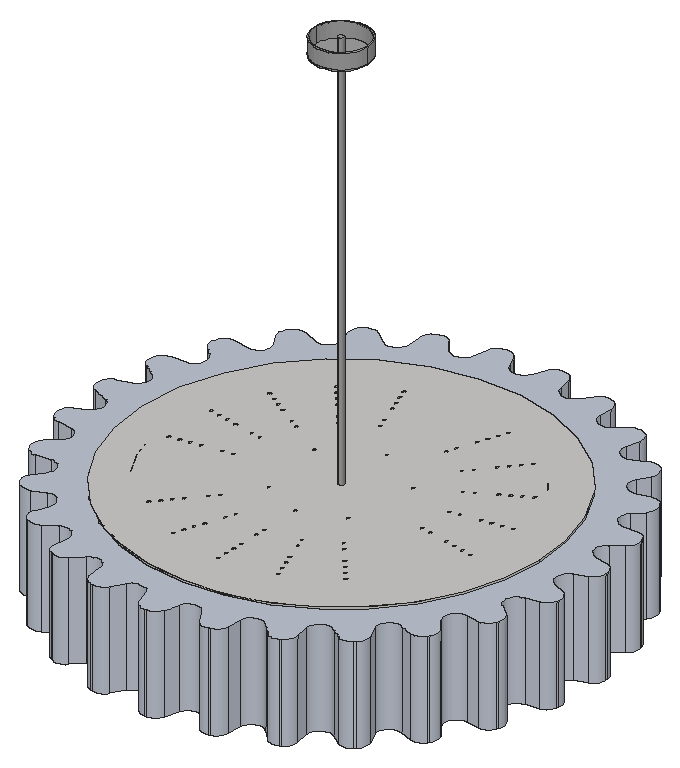
Revit family "ACU-Large Opera Pendant", category Lighting Fixtures, host Ceiling, Revit 2021
Family settings
  Host = Ceiling
  Round Connector Dimension = Use Diameter
  Part Type = Normal
  OmniClass Number = 23.80.70.11
  OmniClass Title = Luminaries for Internal Lighting
  Always vertical = Yes
  Cut with Voids When Loaded = No
  Light Source = Yes
  Shared = No
  Room Calculation Point = No
Parameters (values of type "Type 1")
  Wattage = 3.37561 W
  built-in parameter 1150110 = 1 (stored number, unit not read)
  built-in parameter 1114217 = 1 (stored number, unit not read)
  Tilt Angle = 90.00°
  built-in parameter 1150109 = 1 (stored number, unit not read)
  built-in parameter 1150134 = 12
  built-in parameter 1150113 = 1 (stored number, unit not read)
  Plate Thickness = 3 mm
  Photometric Web File = "LRGE  - 4000_CLE-ADV4-315mm (1).ies"
  Pendant Material = Acustico - Light Grey
  Light Source Material = Acustico - Perpsex
  Internal Pendant Material = Acustico - Rouge
  Emit from Circle Diameter = 400 mm
  Emit Shape Visible in Rendering = no
  Distance from Ceiling [instance] = 850 mm
  Default Elevation = 0 mm
  Cable Material = Acustico - Timber
  Bracket Material = Acustico - Stainless Steel
  Manufacturer = "Acustico lighting"
  Lumens = 501.42 lm
  built-in parameter 1150115 = 1 (stored number, unit not read)
  built-in parameter 1150105 = 39.902 (stored number, unit not read)
  built-in parameter 1150137 = (empty or 0)
  built-in parameter 1150139 = (empty or 0)
  built-in parameter 1150112 = 1 (stored number, unit not read)
  built-in parameter 1150114 = 1 (stored number, unit not read)
  built-in parameter 1150132 = 2
  built-in parameter 1150102 = (empty or 0)
  built-in parameter 1150138 = (empty or 0)
  built-in parameter 1150107 = 4000 (stored number, unit not read)
  built-in parameter 1150106 = 0.39902 (stored number, unit not read)
  built-in parameter 1150104 = 13.8 (stored number, unit not read)
  Dimming Lamp Color Temperature Shift = <None>
  Description = "600mm Punk Pendant"
  Color Filter = 16777215
  built-in parameter 1114218 = 1 (stored number, unit not read)
  built-in parameter 1150133 = 10 (stored number, unit not read)
Reference planes
  plane 1 "Light Source Axis (F/B)": y = 0
  plane 2: z = 0
  plane 3 "Light Source Axis (L/R)": x = 0
  plane 4 "Ceiling": z = 4000
  plane 5 "Light Source Elevation": z = 3150
  plane 6: y = 0
  plane 7: x = 0
  plane 8 "Top of Light": z = 3240
  plane 9 "Bottom of Light": z = 3060
Forms (mm)
  Extrusion 1, solid, material "Acustico - Timber" <- "Cable Material"
    sketch origin (0, 0, 4000) x (0, 1, 0) y (-1, 0, 0)
      loop
        circle (0, 0) r 9
    from -860 to -850
  Extrusion 2, solid, material "Acustico - Timber" <- "Cable Material"
    sketch origin (0, 0, 4000) x (0, 1, 0) y (-1, 0, 0)
      loop
        circle (0, 0) r 50
      loop
        circle (0, 0) r 48
    from -28 to 0
  Extrusion 3, solid, material "Acustico - Timber" <- "Cable Material"
    sketch origin (0, 0, 4000) x (0, 1, 0) y (-1, 0, 0)
      loop
        circle (0, 0) r 50
    from -30 to -28
  Extrusion 4, solid, material "Acustico - Timber" <- "Cable Material"
    sketch origin (0, 0, 4000) x (0, 1, 0) y (-1, 0, 0)
      loop
        circle (0, 0) r 5
    from -850 to 0
  Extrusion 5, solid, material "Acustico - Light Grey" <- "Pendant Material"
    sketch origin (0, 0, 3150) x (-1, 0, 0) y (0, -1, 0)
      loop
        arc (144.306, -436.37) -> (155.842, -444.114) -> (169.721, -443.467) r 22.159
        arc (169.721, -443.467) -> (171.563, -442.757) -> (173.401, -442.041) r 474.835
        arc (173.401, -442.041) -> (184.093, -433.167) -> (187.399, -419.672) r 22.159
        line (187.399, -419.672) -> (185.419, -394.53)
        arc (185.419, -394.53) -> (197.159, -373.197) -> (221.397, -375.523) r 22.159
        line (221.397, -375.523) -> (241.05, -391.329)
        arc (241.05, -391.329) -> (254.061, -396.203) -> (267.417, -392.372) r 22.159
        arc (267.417, -392.372) -> (269.045, -391.258) -> (270.668, -390.137) r 474.835
        arc (270.668, -390.137) -> (279.026, -379.037) -> (279.131, -365.143) r 22.159
        line (279.131, -365.143) -> (271.406, -341.135)
        arc (271.406, -341.135) -> (277.909, -317.669) -> (302.031, -314.343) r 22.159
        line (302.031, -314.343) -> (324.799, -325.191)
        arc (324.799, -325.191) -> (338.584, -326.933) -> (350.696, -320.125) r 22.159
        arc (350.696, -320.125) -> (352.023, -318.665) -> (353.344, -317.2) r 474.835
        arc (353.344, -317.2) -> (358.916, -304.472) -> (355.815, -290.928) r 22.159
        line (355.815, -290.928) -> (342.761, -269.349)
        arc (342.761, -269.349) -> (343.678, -245.016) -> (366.382, -236.216) r 22.159
        line (366.382, -236.216) -> (391.038, -241.521)
        arc (391.038, -241.521) -> (404.853, -240.038) -> (415.069, -230.62) r 22.159
        arc (415.069, -230.62) -> (416.024, -228.894) -> (416.971, -227.163) r 474.835
        arc (416.971, -227.163) -> (419.458, -213.493) -> (413.316, -201.03) r 22.159
        line (413.316, -201.03) -> (395.638, -183.042)
        arc (395.638, -183.042) -> (390.919, -159.154) -> (410.981, -145.356) r 22.159
        line (410.981, -145.356) -> (436.196, -144.831)
        arc (436.196, -144.831) -> (449.297, -140.202) -> (457.065, -128.682) r 22.159
        arc (457.065, -128.682) -> (457.596, -126.782) -> (458.119, -124.88) r 474.835
        arc (458.119, -124.88) -> (457.386, -111.005) -> (448.536, -100.294) r 22.159
        line (448.536, -100.294) -> (427.186, -86.868)
        arc (427.186, -86.868) -> (417.085, -64.712) -> (433.425, -46.659) r 22.159
        line (433.425, -46.659) -> (457.839, -40.334)
        arc (457.839, -40.334) -> (469.519, -32.808) -> (474.421, -19.807) r 22.159
        arc (474.421, -19.807) -> (474.5, -17.836) -> (474.57, -15.864) r 474.835
        arc (474.57, -15.864) -> (470.657, -2.532) -> (459.575, 5.849) r 22.159
        line (459.575, 5.849) -> (435.704, 13.989)
        arc (435.704, 13.989) -> (420.766, 33.219) -> (432.502, 54.553) r 22.159
        line (432.502, 54.553) -> (454.799, 66.338)
        arc (454.799, 66.338) -> (464.429, 76.355) -> (466.201, 90.136) r 22.159
        arc (466.201, 90.136) -> (465.823, 92.072) -> (465.436, 94.007) r 474.835
        arc (465.436, 94.007) -> (458.554, 106.077) -> (445.838, 111.677) r 22.159
        line (445.838, 111.677) -> (420.734, 114.093)
        arc (420.734, 114.093) -> (401.763, 129.358) -> (408.263, 152.825) r 22.159
        line (408.263, 152.825) -> (427.242, 169.434)
        arc (427.242, 169.434) -> (434.301, 181.401) -> (432.848, 195.219) r 22.159
        arc (432.848, 195.219) -> (432.033, 197.016) -> (431.211, 198.81) r 474.835
        arc (431.211, 198.81) -> (421.73, 208.968) -> (408.066, 211.484) r 22.159
        line (408.066, 211.484) -> (383.081, 208.045)
        arc (383.081, 208.045) -> (361.102, 218.525) -> (362.014, 242.857) r 22.159
        line (362.014, 242.857) -> (376.651, 263.396)
        arc (376.651, 263.396) -> (380.761, 276.668) -> (376.16, 289.779) r 22.159
        arc (376.16, 289.779) -> (374.952, 291.339) -> (373.738, 292.895) r 474.835
        arc (373.738, 292.895) -> (362.171, 300.593) -> (348.295, 299.89) r 22.159
        line (348.295, 299.89) -> (324.777, 290.782)
        arc (324.777, 290.782) -> (300.973, 295.91) -> (296.249, 319.797) r 22.159
        line (296.249, 319.797) -> (305.755, 343.158)
        arc (305.755, 343.158) -> (306.693, 357.02) -> (299.193, 368.716) r 22.159
        arc (299.193, 368.716) -> (297.658, 369.956) -> (296.118, 371.19) r 474.835
        arc (296.118, 371.19) -> (283.088, 376.013) -> (269.747, 372.129) r 22.159
        line (269.747, 372.129) -> (248.963, 357.842)
        arc (248.963, 357.842) -> (224.619, 357.343) -> (214.514, 379.497) r 22.159
        line (214.514, 379.497) -> (218.376, 404.42)
        arc (218.376, 404.42) -> (216.092, 418.125) -> (206.096, 427.776) r 22.159
        arc (206.096, 427.776) -> (204.317, 428.629) -> (202.534, 429.474) r 474.835
        arc (202.534, 429.474) -> (188.742, 431.162) -> (176.657, 424.306) r 22.159
        line (176.657, 424.306) -> (159.728, 405.612)
        arc (159.728, 405.612) -> (136.155, 399.511) -> (121.213, 418.738) r 22.159
        line (121.213, 418.738) -> (119.224, 443.879)
        arc (119.224, 443.879) -> (113.841, 456.689) -> (101.889, 463.774) r 22.159
        arc (101.889, 463.774) -> (99.961, 464.194) -> (98.031, 464.605) r 474.835
        arc (98.031, 464.605) -> (84.222, 463.067) -> (74.044, 453.609) r 22.159
        line (74.044, 453.609) -> (61.882, 431.514)
        arc (61.882, 431.514) -> (40.351, 420.142) -> (21.378, 435.404) r 22.159
        line (21.378, 435.404) -> (13.645, 459.41)
        arc (13.645, 459.41) -> (5.452, 470.632) -> (-7.811, 474.77) r 22.159
        arc (-7.811, 474.77) -> (-9.784, 474.734) -> (-11.757, 474.689) r 474.835
        arc (-11.757, 474.689) -> (-24.839, 470.008) -> (-32.561, 458.457) r 22.159
        line (-32.561, 458.457) -> (-39.3, 434.154)
        arc (-39.3, 434.154) -> (-57.628, 418.123) -> (-79.609, 428.598) r 22.159
        line (-79.609, 428.598) -> (-92.67, 450.173)
        arc (-92.67, 450.173) -> (-103.23, 459.203) -> (-117.09, 460.171) r 22.159
        arc (-117.09, 460.171) -> (-119.002, 459.681) -> (-120.911, 459.182) r 474.835
        arc (-120.911, 459.182) -> (-132.56, 451.61) -> (-137.411, 438.59) r 22.159
        line (-137.411, 438.59) -> (-138.363, 413.388)
        arc (-138.363, 413.388) -> (-152.5, 393.562) -> (-176.305, 398.686) r 22.159
        line (-176.305, 398.686) -> (-193.989, 416.667)
        arc (-193.989, 416.667) -> (-206.347, 423.019) -> (-220.057, 420.765) r 22.159
        arc (-220.057, 420.765) -> (-221.804, 419.847) -> (-223.546, 418.921) r 474.835
        arc (-223.546, 418.921) -> (-233.136, 408.867) -> (-234.853, 395.079) r 22.159
        line (-234.853, 395.079) -> (-229.967, 370.336)
        arc (-229.967, 370.336) -> (-239.151, 347.785) -> (-263.496, 347.281) r 22.159
        line (-263.496, 347.281) -> (-284.85, 360.699)
        arc (-284.85, 360.699) -> (-298.34, 364.03) -> (-311.16, 358.674) r 22.159
        arc (-311.16, 358.674) -> (-312.648, 357.378) -> (-314.13, 356.076) r 475.068
        arc (-314.13, 356.076) -> (-321.143, 344.081) -> (-319.634, 330.269) r 22.159
        line (-319.634, 330.269) -> (-309.174, 307.32)
        arc (-309.174, 307.32) -> (-312.909, 283.258) -> (-336.482, 277.154) r 22.159
        line (-336.482, 277.154) -> (-360.355, 285.285)
        arc (-360.355, 285.285) -> (-374.249, 285.415) -> (-385.489, 277.248) r 22.159
        arc (-385.489, 277.248) -> (-386.638, 275.643) -> (-387.78, 274.034) r 474.835
        arc (-387.78, 274.034) -> (-391.837, 260.745) -> (-387.184, 247.653) r 22.159
        line (-387.184, 247.653) -> (-371.713, 227.735)
        arc (-371.713, 227.735) -> (-369.799, 203.461) -> (-391.328, 192.085) r 22.159
        line (-391.328, 192.085) -> (-416.433, 194.491)
        arc (-416.433, 194.491) -> (-429.982, 191.414) -> (-439.036, 180.874) r 22.159
        arc (-439.036, 180.874) -> (-439.783, 179.049) -> (-440.524, 177.22) r 474.835
        arc (-440.524, 177.22) -> (-441.407, 163.353) -> (-433.86, 151.687) r 22.159
        line (-433.86, 151.687) -> (-414.213, 135.874)
        arc (-414.213, 135.874) -> (-406.752, 112.695) -> (-425.077, 96.661) r 22.159
        line (-425.077, 96.661) -> (-450.061, 93.213)
        arc (-450.061, 93.213) -> (-462.535, 87.094) -> (-468.914, 74.75) r 22.159
        arc (-468.914, 74.75) -> (-469.221, 72.801) -> (-469.519, 70.851) r 474.835
        arc (-469.519, 70.851) -> (-467.18, 57.155) -> (-457.146, 47.544) r 22.159
        line (-457.146, 47.544) -> (-434.382, 36.687)
        arc (-434.382, 36.687) -> (-421.777, 15.854) -> (-435.911, -3.974) r 22.159
        line (-435.911, -3.974) -> (-459.426, -13.091)
        arc (-459.426, -13.091) -> (-470.153, -21.922) -> (-473.513, -35.404) r 22.159
        arc (-473.513, -35.404) -> (-473.362, -37.371) -> (-473.202, -39.337) r 474.835
        arc (-473.202, -39.337) -> (-467.768, -52.125) -> (-455.788, -59.163) r 22.159
        line (-455.788, -59.163) -> (-431.134, -64.477)
        arc (-431.134, -64.477) -> (-414.064, -81.842) -> (-423.244, -104.395) r 22.159
        line (-423.244, -104.395) -> (-444.023, -118.689)
        arc (-444.023, -118.689) -> (-452.424, -129.755) -> (-452.585, -143.649) r 22.159
        arc (-452.585, -143.649) -> (-451.984, -145.528) -> (-451.375, -147.405) r 474.835
        arc (-451.375, -147.405) -> (-443.139, -158.595) -> (-429.859, -162.681) r 22.159
        line (-429.859, -162.681) -> (-404.643, -162.165)
        arc (-404.643, -162.165) -> (-384.029, -175.126) -> (-387.76, -199.188) r 22.159
        line (-387.76, -199.188) -> (-404.683, -217.888)
        arc (-404.683, -217.888) -> (-410.305, -230.594) -> (-407.257, -244.15) r 22.159
        arc (-407.257, -244.15) -> (-406.239, -245.84) -> (-405.214, -247.526) r 474.835
        arc (-405.214, -247.526) -> (-394.619, -256.515) -> (-380.755, -257.428) r 22.159
        line (-380.755, -257.428) -> (-356.338, -251.111)
        arc (-356.338, -251.111) -> (-333.291, -258.968) -> (-331.372, -283.242) r 22.159
        line (-331.372, -283.242) -> (-343.526, -305.341)
        arc (-343.526, -305.341) -> (-346.067, -319.001) -> (-339.975, -331.489) r 22.159
        arc (-339.975, -331.489) -> (-338.595, -332.899) -> (-337.208, -334.303) r 474.835
        arc (-337.208, -334.303) -> (-324.826, -340.606) -> (-311.125, -338.297) r 22.159
        line (-311.125, -338.297) -> (-288.823, -326.52)
        arc (-288.823, -326.52) -> (-264.585, -328.85) -> (-257.12, -352.027) r 22.159
        line (-257.12, -352.027) -> (-263.849, -376.333)
        arc (-263.849, -376.333) -> (-263.172, -390.211) -> (-254.364, -400.957) r 22.159
        arc (-254.364, -400.957) -> (-252.696, -402.011) -> (-251.023, -403.057) r 474.835
        arc (-251.023, -403.057) -> (-237.521, -406.335) -> (-224.722, -400.928) r 22.159
        line (-224.722, -400.928) -> (-205.737, -384.326)
        arc (-205.737, -384.326) -> (-181.615, -381.003) -> (-169.006, -401.834) r 22.159
        line (-169.006, -401.834) -> (-169.949, -427.037)
        arc (-169.949, -427.037) -> (-166.089, -440.385) -> (-155.041, -448.81) r 22.159
        arc (-155.041, -448.81) -> (-153.174, -449.45) -> (-151.306, -450.083) r 474.835
        arc (-151.306, -450.083) -> (-137.411, -450.158) -> (-126.204, -441.946) r 22.159
        line (-126.204, -441.946) -> (-111.56, -421.412)
        arc (-111.56, -421.412) -> (-88.854, -412.617) -> (-71.781, -429.978) r 22.159
        line (-71.781, -429.978) -> (-66.886, -454.719)
        arc (-66.886, -454.719) -> (-60.053, -466.817) -> (-47.359, -472.467) r 22.159
        arc (-47.359, -472.467) -> (-45.395, -472.66) -> (-43.431, -472.844) r 474.835
        arc (-43.431, -472.844) -> (-29.894, -469.713) -> (-20.882, -459.137) r 22.159
        line (-20.882, -459.137) -> (-11.368, -435.781)
        arc (-11.368, -435.781) -> (8.697, -421.986) -> (29.313, -434.942) r 22.159
        line (29.313, -434.942) -> (39.782, -457.887)
        arc (39.782, -457.887) -> (49.222, -468.083) -> (62.876, -470.653) r 22.159
        arc (62.876, -470.653) -> (64.831, -470.388) -> (66.785, -470.114) r 474.835
        arc (66.785, -470.114) -> (79.235, -463.946) -> (85.565, -451.577) r 22.159
        line (85.565, -451.577) -> (89.436, -426.656)
        arc (89.436, -426.656) -> (105.779, -408.605) -> (128.828, -416.458) r 22.159
        line (128.828, -416.458) -> (144.306, -436.37)
      loop
        circle (5.324, -0.435) r 310
    from -90 to 90
  Extrusion 6, solid, material "Acustico - Stainless Steel" <- "Bracket Material"
    sketch origin (0, 0, 3150) x (-1, 0, 0) y (0, -1, 0)
      loop
        circle (0, 0) r 299
    from 0 to 3
  Extrusion 7, solid, material "Acustico - Stainless Steel" <- "Bracket Material"
    sketch origin (0, 0, 3150) x (-1, 0, 0) y (0, -1, 0)
      loop
        circle (0, 0) r 375
      loop
        circle (0, 0) r 5.5
      loop
        circle (99.186, -272.511) r 2.5
      loop
        circle (93.029, -255.596) r 2.5
      loop
        circle (86.873, -238.682) r 2.5
      loop
        circle (80.717, -221.767) r 2.5
      loop
        circle (68.404, -187.939) r 2
      loop
        circle (62.248, -171.024) r 2
      loop
        circle (-62.248, -171.024) r 2
      loop
        circle (-68.404, -187.939) r 2
      loop
        circle (-80.717, -221.767) r 2.5
      loop
        circle (-86.873, -238.682) r 2.5
      loop
        circle (-93.029, -255.596) r 2.5
      loop
        circle (-99.186, -272.511) r 2.5
      loop
        circle (-186.408, -222.153) r 2.5
      loop
        circle (-174.838, -208.364) r 2.5
      loop
        circle (-163.268, -194.575) r 2.5
      loop
        circle (-151.698, -180.786) r 2.5
      loop
        circle (-128.558, -153.209) r 2
      loop
        circle (0, -108.1) r 2
      loop
        circle (-116.987, -139.42) r 2
      loop
        circle (-251.147, -145) r 2.5
      loop
        circle (-235.559, -136) r 2.5
      loop
        circle (-219.97, -127) r 2.5
      loop
        circle (-204.382, -118) r 2.5
      loop
        circle (-173.205, -100) r 2
      loop
        circle (-157.617, -91) r 2
      loop
        circle (-93.1, -53.75) r 2.152
      loop
        circle (-285.594, -50.358) r 2.5
      loop
        circle (-267.868, -47.232) r 2.5
      loop
        circle (-250.141, -44.107) r 2.5
      loop
        circle (-232.415, -40.981) r 2.5
      loop
        circle (-196.962, -34.73) r 2
      loop
        circle (-179.235, -31.604) r 2
      loop
        circle (-285.594, 50.358) r 2.5
      loop
        circle (-267.868, 47.232) r 2.5
      loop
        circle (-250.141, 44.107) r 2.5
      loop
        circle (-232.415, 40.981) r 2.5
      loop
        circle (-196.962, 34.73) r 2
      loop
        circle (-179.235, 31.604) r 2
      loop
        circle (-75, 76.9) r 2
      loop
        circle (-186.408, 222.153) r 2.5
      loop
        circle (-174.838, 208.364) r 2.5
      loop
        circle (-163.268, 194.575) r 2.5
      loop
        circle (-151.698, 180.786) r 2.5
      loop
        circle (-128.558, 153.209) r 2
      loop
        circle (-116.987, 139.42) r 2
      loop
        circle (-99.186, 272.511) r 2.5
      loop
        circle (-93.029, 255.596) r 2.5
      loop
        circle (-86.873, 238.682) r 2.5
      loop
        circle (-80.717, 221.767) r 2.5
      loop
        circle (-68.404, 187.939) r 2
      loop
        circle (-62.248, 171.024) r 2
      loop
        circle (0.001, 107.505) r 2.155
      loop
        circle (0, 182) r 2
      loop
        circle (0, 200) r 2
      loop
        circle (0, 236) r 2.5
      loop
        circle (0, 254) r 2.5
      loop
        circle (0, 290) r 2.5
      loop
        circle (0, 272) r 2.5
      loop
        circle (99.186, 272.511) r 2.5
      loop
        circle (93.029, 255.596) r 2.5
      loop
        circle (86.873, 238.682) r 2.5
      loop
        circle (80.717, 221.767) r 2.5
      loop
        circle (68.404, 187.939) r 2
      loop
        circle (62.248, 171.024) r 2
      loop
        circle (75, 76.9) r 2
      loop
        circle (116.987, 139.42) r 2
      loop
        circle (128.558, 153.209) r 2
      loop
        circle (151.698, 180.786) r 2.5
      loop
        circle (163.268, 194.575) r 2.5
      loop
        circle (174.838, 208.364) r 2.5
      loop
        circle (186.408, 222.153) r 2.5
      loop
        circle (285.594, 50.358) r 2.5
      loop
        circle (267.868, 47.232) r 2.5
      loop
        circle (250.141, 44.107) r 2.5
      loop
        circle (232.415, 40.981) r 2.5
      loop
        circle (196.962, 34.73) r 2
      loop
        circle (179.235, 31.604) r 2
      loop
        circle (179.235, -31.604) r 2
      loop
        circle (93.1, -53.75) r 2.152
      loop
        circle (196.962, -34.73) r 2
      loop
        circle (232.415, -40.981) r 2.5
      loop
        circle (250.141, -44.107) r 2.5
      loop
        circle (267.868, -47.232) r 2.5
      loop
        circle (285.594, -50.358) r 2.5
      loop
        circle (157.617, -91) r 2
      loop
        circle (173.205, -100) r 2
      loop
        circle (204.382, -118) r 2.5
      loop
        circle (219.97, -127) r 2.5
      loop
        circle (235.559, -136) r 2.5
      loop
        circle (251.147, -145) r 2.5
      loop
        circle (116.987, -139.42) r 2
      loop
        circle (128.558, -153.209) r 2
      loop
        circle (151.698, -180.786) r 2.5
      loop
        circle (163.268, -194.575) r 2.5
      loop
        circle (174.838, -208.364) r 2.5
      loop
        circle (186.408, -222.153) r 2.5
    from 90 to 93
Dimensions and locks
  equal spacing: host sketch curve, plane 3 "Light Source Axis (L/R)", host sketch curve
  equal spacing: host sketch curve, plane 1 "Light Source Axis (F/B)", host sketch curve
  host sketch curve to host sketch curve = 4000 mm  (x2)
  host ceiling to plane 4 "Ceiling" = 0 mm
  locked: Extrusion 1 to plane 5 "Light Source Elevation" at 10
  "Plate Thickness": plane 8 "Top of Light" to Extrusion 7
  plane 9 "Bottom of Light" to plane 5 "Light Source Elevation" to plane 8 "Top of Light" = 90 mm locked, 90 mm locked
  aligned and locked: plane 3 "Light Source Axis (L/R)" to imposter light
  aligned and locked: plane 1 "Light Source Axis (F/B)" to imposter light
  aligned and locked: plane 5 "Light Source Elevation" to imposter light
  aligned and locked: Extrusion 4 to plane 4 "Ceiling"
  aligned and locked: Extrusion 5 to plane 8 "Top of Light"
  aligned and locked: plane 5 "Light Source Elevation" to Extrusion 4
  aligned and locked: plane 5 "Light Source Elevation" to Extrusion 6
  aligned and locked: Extrusion 1 to plane 5 "Light Source Elevation"
  aligned and locked: plane 9 "Bottom of Light" to Extrusion 5
  aligned and locked: plane 8 "Top of Light" to Extrusion 7
Automatic sketch dimensions
  Extrusion 1 sketch curve to Extrusion 1 sketch curve = 0 mm  (x2)
  plane 1 "Light Source Axis (F/B)" to Extrusion 1 sketch curve = 0 mm
  Extrusion 1 sketch curve to plane 3 "Light Source Axis (L/R)" = 0 mm
  plane 3 "Light Source Axis (L/R)" to Extrusion 1 sketch curve = 9 mm
  Extrusion 2 sketch curve to Extrusion 2 sketch curve = 0 mm  (x12)
  plane 1 "Light Source Axis (F/B)" to Extrusion 2 sketch curve = 0 mm
  Extrusion 2 sketch curve to plane 3 "Light Source Axis (L/R)" = 0 mm
  plane 3 "Light Source Axis (L/R)" to Extrusion 2 sketch curve = 48 mm
  Extrusion 2 sketch curve to Extrusion 2 sketch curve = 2 mm
  Extrusion 3 sketch curve to Extrusion 3 sketch curve = 0 mm  (x2)
  plane 1 "Light Source Axis (F/B)" to Extrusion 3 sketch curve = 0 mm
  Extrusion 3 sketch curve to plane 3 "Light Source Axis (L/R)" = 0 mm
  plane 3 "Light Source Axis (L/R)" to Extrusion 3 sketch curve = 50 mm
  plane 1 "Light Source Axis (F/B)" to Extrusion 4 sketch curve = 0 mm
  Extrusion 4 sketch curve to plane 3 "Light Source Axis (L/R)" = 0 mm
  Extrusion 5 sketch curve to Extrusion 5 sketch curve = 0 mm  (x679)
  plane 1 "Light Source Axis (F/B)" to Extrusion 5 sketch curve = 0 mm
  Extrusion 5 sketch curve to plane 3 "Light Source Axis (L/R)" = 0 mm
  plane 3 "Light Source Axis (L/R)" to Extrusion 5 sketch curve = 7.447 mm
  Extrusion 5 sketch curve to Extrusion 5 sketch curve = 3.761 mm
  plane 3 "Light Source Axis (L/R)" to Extrusion 5 sketch curve = 11.368 mm
  plane 3 "Light Source Axis (L/R)" to Extrusion 5 sketch curve = 20.882 mm
  Extrusion 5 sketch curve to Extrusion 5 sketch curve = 21.353 mm  (x2)
  Extrusion 5 sketch curve to Extrusion 5 sketch curve = 6.738 mm
  Extrusion 5 sketch curve to Extrusion 5 sketch curve = 20.522 mm
  Extrusion 5 sketch curve to Extrusion 5 sketch curve = 3.745 mm
  Extrusion 5 sketch curve to Extrusion 5 sketch curve = 21.738 mm  (x2)
  Extrusion 5 sketch curve to Extrusion 5 sketch curve = 4.895 mm
  Extrusion 5 sketch curve to Extrusion 5 sketch curve = 18.956 mm  (x2)
  Extrusion 5 sketch curve to Extrusion 5 sketch curve = 13.061 mm
  Extrusion 5 sketch curve to Extrusion 5 sketch curve = 18.041 mm  (x2)
  Extrusion 5 sketch curve to Extrusion 5 sketch curve = 3.642 mm
  Extrusion 5 sketch curve to Extrusion 5 sketch curve = 14.644 mm
  Extrusion 5 sketch curve to Extrusion 5 sketch curve = 22.143 mm  (x4)
  Extrusion 5 sketch curve to Extrusion 5 sketch curve = 0.952 mm
  Extrusion 5 sketch curve to Extrusion 5 sketch curve = 3.561 mm
  Extrusion 5 sketch curve to Extrusion 5 sketch curve = 21.201 mm
  Extrusion 5 sketch curve to Extrusion 5 sketch curve = 15.798 mm  (x2)
  Extrusion 5 sketch curve to Extrusion 5 sketch curve = 17.685 mm
  Extrusion 5 sketch curve to Extrusion 5 sketch curve = 14.587 mm  (x2)
  Extrusion 5 sketch curve to Extrusion 5 sketch curve = 3.326 mm
  Extrusion 5 sketch curve to Extrusion 5 sketch curve = 18.985 mm
  Extrusion 5 sketch curve to Extrusion 5 sketch curve = 16.853 mm
  Extrusion 5 sketch curve to Extrusion 5 sketch curve = 21.739 mm  (x2)
  Extrusion 5 sketch curve to Extrusion 5 sketch curve = 3.185 mm
  Extrusion 5 sketch curve to Extrusion 5 sketch curve = 14.626 mm
  Extrusion 5 sketch curve to Extrusion 5 sketch curve = 11.789 mm  (x2)
  Extrusion 5 sketch curve to Extrusion 5 sketch curve = 21.356 mm  (x2)
  Extrusion 5 sketch curve to Extrusion 5 sketch curve = 21.355 mm
  Extrusion 5 sketch curve to Extrusion 5 sketch curve = 10.347 mm  (x2)
  Extrusion 5 sketch curve to Extrusion 5 sketch curve = 2.831 mm
  Extrusion 5 sketch curve to Extrusion 5 sketch curve = 9.703 mm
  Extrusion 5 sketch curve to Extrusion 5 sketch curve = 22.302 mm
  Extrusion 5 sketch curve to Extrusion 5 sketch curve = 20.163 mm  (x2)
  Extrusion 5 sketch curve to Extrusion 5 sketch curve = 2.637 mm
  Extrusion 5 sketch curve to Extrusion 5 sketch curve = 7.263 mm
  Extrusion 5 sketch curve to Extrusion 5 sketch curve = 7.144 mm  (x2)
  Extrusion 5 sketch curve to Extrusion 5 sketch curve = 19.416 mm  (x2)
  Extrusion 5 sketch curve to plane 1 "Light Source Axis (F/B)" = 251.111 mm
  Extrusion 5 sketch curve to Extrusion 5 sketch curve = 5.55 mm  (x2)
  Extrusion 5 sketch curve to Extrusion 5 sketch curve = 23.874 mm
  Extrusion 5 sketch curve to Extrusion 5 sketch curve = 2.184 mm
  Extrusion 5 sketch curve to Extrusion 5 sketch curve = 2.03 mm
  Extrusion 5 sketch curve to Extrusion 5 sketch curve = 24.417 mm
  Extrusion 5 sketch curve to Extrusion 5 sketch curve = 17.5 mm  (x2)
  Extrusion 5 sketch curve to Extrusion 5 sketch curve = 1.456 mm
  Extrusion 5 sketch curve to Extrusion 5 sketch curve = 1.948 mm
  plane 1 "Light Source Axis (F/B)" to Extrusion 5 sketch curve = 192.085 mm
  Extrusion 5 sketch curve to Extrusion 5 sketch curve = 2.114 mm  (x2)
  Extrusion 5 sketch curve to Extrusion 5 sketch curve = 16.43 mm  (x2)
  Extrusion 5 sketch curve to plane 1 "Light Source Axis (F/B)" = 162.165 mm
  Extrusion 5 sketch curve to Extrusion 5 sketch curve = 0.453 mm  (x2)
  Extrusion 5 sketch curve to plane 1 "Light Source Axis (F/B)" = 217.888 mm
  plane 1 "Light Source Axis (F/B)" to Extrusion 5 sketch curve = 135.874 mm
  Extrusion 5 sketch curve to Extrusion 5 sketch curve = 22.885 mm
  plane 1 "Light Source Axis (F/B)" to Extrusion 5 sketch curve = 194.491 mm
  Extrusion 5 sketch curve to Extrusion 5 sketch curve = 25.105 mm
  Extrusion 5 sketch curve to Extrusion 5 sketch curve = 1.419 mm
  Extrusion 5 sketch curve to plane 1 "Light Source Axis (F/B)" = 104.395 mm
  Extrusion 5 sketch curve to Extrusion 5 sketch curve = 18.601 mm
  plane 1 "Light Source Axis (F/B)" to Extrusion 5 sketch curve = 96.661 mm
  Extrusion 5 sketch curve to Extrusion 5 sketch curve = 10.864 mm
  Extrusion 5 sketch curve to Extrusion 5 sketch curve = 13.894 mm  (x2)
  Extrusion 5 sketch curve to plane 1 "Light Source Axis (F/B)" = 162.681 mm
  Extrusion 5 sketch curve to Extrusion 5 sketch curve = 25.215 mm
  Extrusion 5 sketch curve to plane 1 "Light Source Axis (F/B)" = 64.477 mm
  Extrusion 5 sketch curve to Extrusion 5 sketch curve = 7.89 mm
  Extrusion 5 sketch curve to Extrusion 5 sketch curve = 1.153 mm
  plane 1 "Light Source Axis (F/B)" to Extrusion 5 sketch curve = 151.687 mm
  plane 1 "Light Source Axis (F/B)" to Extrusion 5 sketch curve = 36.687 mm
  Extrusion 5 sketch curve to Extrusion 5 sketch curve = 9.305 mm
  Extrusion 5 sketch curve to Extrusion 5 sketch curve = 4.669 mm  (x2)
  Extrusion 5 sketch curve to plane 1 "Light Source Axis (F/B)" = 3.974 mm
  Extrusion 5 sketch curve to Extrusion 5 sketch curve = 1.528 mm
  plane 1 "Light Source Axis (F/B)" to Extrusion 5 sketch curve = 16.686 mm
  Extrusion 5 sketch curve to plane 1 "Light Source Axis (F/B)" = 118.689 mm
  Extrusion 5 sketch curve to Extrusion 5 sketch curve = 12.559 mm
  Extrusion 5 sketch curve to Extrusion 5 sketch curve = 21.954 mm
  Extrusion 5 sketch curve to Extrusion 5 sketch curve = 0.577 mm
  plane 1 "Light Source Axis (F/B)" to Extrusion 5 sketch curve = 93.213 mm
  Extrusion 5 sketch curve to Extrusion 5 sketch curve = 3.029 mm
  Extrusion 5 sketch curve to Extrusion 5 sketch curve = 19.985 mm
  Extrusion 5 sketch curve to Extrusion 5 sketch curve = 0.296 mm
  Extrusion 5 sketch curve to plane 1 "Light Source Axis (F/B)" = 59.163 mm
  plane 1 "Light Source Axis (F/B)" to Extrusion 5 sketch curve = 47.544 mm
  Extrusion 5 sketch curve to Extrusion 5 sketch curve = 9.538 mm
  Extrusion 5 sketch curve to plane 1 "Light Source Axis (F/B)" = 13.091 mm
  Extrusion 5 sketch curve to Extrusion 5 sketch curve = 8.01 mm
  Extrusion 5 sketch curve to plane 3 "Light Source Axis (L/R)" = 0.154 mm
  Extrusion 5 sketch curve to plane 1 "Light Source Axis (F/B)" = 0.435 mm
  Extrusion 5 sketch curve to Extrusion 5 sketch curve = 5.171 mm
  Extrusion 5 sketch curve to plane 3 "Light Source Axis (L/R)" = 9.154 mm
  Extrusion 5 sketch curve to plane 3 "Light Source Axis (L/R)" = 13.645 mm
  Extrusion 5 sketch curve to plane 3 "Light Source Axis (L/R)" = 21.378 mm
  Extrusion 5 sketch curve to Extrusion 5 sketch curve = 20.16 mm  (x2)
  Extrusion 5 sketch curve to Extrusion 5 sketch curve = 10.469 mm
  Extrusion 5 sketch curve to Extrusion 5 sketch curve = 21.091 mm
  Extrusion 5 sketch curve to Extrusion 5 sketch curve = 19.412 mm  (x2)
  Extrusion 5 sketch curve to Extrusion 5 sketch curve = 3.727 mm
  Extrusion 5 sketch curve to Extrusion 5 sketch curve = 12.161 mm
  Extrusion 5 sketch curve to Extrusion 5 sketch curve = 21.896 mm  (x2)
  Extrusion 5 sketch curve to Extrusion 5 sketch curve = 3.871 mm
  Extrusion 5 sketch curve to Extrusion 5 sketch curve = 3.678 mm
  Extrusion 5 sketch curve to Extrusion 5 sketch curve = 22.09 mm  (x2)
  Extrusion 5 sketch curve to Extrusion 5 sketch curve = 1.989 mm
  Extrusion 5 sketch curve to Extrusion 5 sketch curve = 17.495 mm  (x2)
  Extrusion 5 sketch curve to Extrusion 5 sketch curve = 15.478 mm
  Extrusion 5 sketch curve to Extrusion 5 sketch curve = 16.425 mm  (x2)
  Extrusion 5 sketch curve to Extrusion 5 sketch curve = 3.508 mm
  Extrusion 5 sketch curve to Extrusion 5 sketch curve = 16.929 mm
  Extrusion 5 sketch curve to Extrusion 5 sketch curve = 20.11 mm
  Extrusion 5 sketch curve to Extrusion 5 sketch curve = 22.091 mm  (x2)
  Extrusion 5 sketch curve to Extrusion 5 sketch curve = 3.396 mm
  Extrusion 5 sketch curve to Extrusion 5 sketch curve = 18.035 mm
  Extrusion 5 sketch curve to Extrusion 5 sketch curve = 21.898 mm  (x2)
  Extrusion 5 sketch curve to Extrusion 5 sketch curve = 13.888 mm  (x2)
  Extrusion 5 sketch curve to Extrusion 5 sketch curve = 19.653 mm
  Extrusion 5 sketch curve to Extrusion 5 sketch curve = 12.552 mm  (x2)
  Extrusion 5 sketch curve to Extrusion 5 sketch curve = 3.1 mm
  Extrusion 5 sketch curve to Extrusion 5 sketch curve = 20.784 mm
  Extrusion 5 sketch curve to Extrusion 5 sketch curve = 13.369 mm
  Extrusion 5 sketch curve to Extrusion 5 sketch curve = 21.094 mm  (x2)
  Extrusion 5 sketch curve to Extrusion 5 sketch curve = 2.931 mm
  Extrusion 5 sketch curve to Extrusion 5 sketch curve = 11.019 mm
  Extrusion 5 sketch curve to Extrusion 5 sketch curve = 9.531 mm  (x2)
  Extrusion 5 sketch curve to Extrusion 5 sketch curve = 20.525 mm  (x2)
  Extrusion 5 sketch curve to Extrusion 5 sketch curve = 8.003 mm  (x2)
  Extrusion 5 sketch curve to Extrusion 5 sketch curve = 22.768 mm
  Extrusion 5 sketch curve to Extrusion 5 sketch curve = 2.525 mm
  Extrusion 5 sketch curve to Extrusion 5 sketch curve = 5.906 mm
  Extrusion 5 sketch curve to Extrusion 5 sketch curve = 23.518 mm
  Extrusion 5 sketch curve to Extrusion 5 sketch curve = 18.96 mm  (x2)
  Extrusion 5 sketch curve to Extrusion 5 sketch curve = 2.308 mm
  Extrusion 5 sketch curve to Extrusion 5 sketch curve = 3.409 mm
  Extrusion 5 sketch curve to Extrusion 5 sketch curve = 4.661 mm  (x2)
  Extrusion 5 sketch curve to Extrusion 5 sketch curve = 18.045 mm  (x2)
  plane 1 "Light Source Axis (F/B)" to Extrusion 5 sketch curve = 208.045 mm
  Extrusion 5 sketch curve to Extrusion 5 sketch curve = 3.021 mm  (x2)
  Extrusion 5 sketch curve to Extrusion 5 sketch curve = 24.656 mm
  Extrusion 5 sketch curve to plane 1 "Light Source Axis (F/B)" = 183.042 mm
  Extrusion 5 sketch curve to Extrusion 5 sketch curve = 4.6 mm
  Extrusion 5 sketch curve to Extrusion 5 sketch curve = 1.813 mm
  Extrusion 5 sketch curve to Extrusion 5 sketch curve = 24.985 mm
  plane 1 "Light Source Axis (F/B)" to Extrusion 5 sketch curve = 152.825 mm
  Extrusion 5 sketch curve to Extrusion 5 sketch curve = 0.197 mm
  Extrusion 5 sketch curve to plane 1 "Light Source Axis (F/B)" = 145.356 mm
  Extrusion 5 sketch curve to Extrusion 5 sketch curve = 15.343 mm
  Extrusion 5 sketch curve to Extrusion 5 sketch curve = 15.804 mm  (x2)
  Extrusion 5 sketch curve to Extrusion 5 sketch curve = 1.561 mm
  Extrusion 5 sketch curve to plane 1 "Light Source Axis (F/B)" = 201.03 mm
  plane 1 "Light Source Axis (F/B)" to Extrusion 5 sketch curve = 114.093 mm
  Extrusion 5 sketch curve to Extrusion 5 sketch curve = 12.471 mm
  Extrusion 5 sketch curve to Extrusion 5 sketch curve = 2.122 mm  (x2)
  Extrusion 5 sketch curve to plane 1 "Light Source Axis (F/B)" = 86.868 mm
  Extrusion 5 sketch curve to Extrusion 5 sketch curve = 16.205 mm
  plane 1 "Light Source Axis (F/B)" to Extrusion 5 sketch curve = 169.434 mm
  Extrusion 5 sketch curve to Extrusion 5 sketch curve = 14.593 mm
  plane 1 "Light Source Axis (F/B)" to Extrusion 5 sketch curve = 54.553 mm
  Extrusion 5 sketch curve to Extrusion 5 sketch curve = 11.768 mm
  Extrusion 5 sketch curve to plane 1 "Light Source Axis (F/B)" = 46.659 mm
  Extrusion 5 sketch curve to Extrusion 5 sketch curve = 6.239 mm
  plane 1 "Light Source Axis (F/B)" to Extrusion 5 sketch curve = 13.989 mm
  Extrusion 5 sketch curve to Extrusion 5 sketch curve = 3.202 mm
  Extrusion 5 sketch curve to Extrusion 5 sketch curve = 24.754 mm
  Extrusion 5 sketch curve to plane 1 "Light Source Axis (F/B)" = 144.831 mm
  Extrusion 5 sketch curve to Extrusion 5 sketch curve = 0.461 mm
  Extrusion 5 sketch curve to Extrusion 5 sketch curve = 1.004 mm
  Extrusion 5 sketch curve to Extrusion 5 sketch curve = 5.557 mm  (x2)
  Extrusion 5 sketch curve to Extrusion 5 sketch curve = 10.354 mm  (x2)
  Extrusion 5 sketch curve to Extrusion 5 sketch curve = 22.982 mm
  Extrusion 5 sketch curve to Extrusion 5 sketch curve = 0.729 mm
  plane 1 "Light Source Axis (F/B)" to Extrusion 5 sketch curve = 111.677 mm
  Extrusion 5 sketch curve to plane 1 "Light Source Axis (F/B)" = 100.294 mm
  Extrusion 5 sketch curve to Extrusion 5 sketch curve = 11.796 mm
  Extrusion 5 sketch curve to Extrusion 5 sketch curve = 18.857 mm
  Extrusion 5 sketch curve to Extrusion 5 sketch curve = 0.141 mm
  plane 1 "Light Source Axis (F/B)" to Extrusion 5 sketch curve = 66.338 mm
  Extrusion 5 sketch curve to plane 1 "Light Source Axis (F/B)" = 40.334 mm
  plane 1 "Light Source Axis (F/B)" to Extrusion 5 sketch curve = 5.849 mm
  Extrusion 5 sketch curve to Extrusion 5 sketch curve = 7.152 mm
  Extrusion 5 sketch curve to Extrusion 5 sketch curve = 6.316 mm
  Extrusion 5 sketch curve to Extrusion 5 sketch curve = 56.85 mm
  Extrusion 5 sketch curve to Extrusion 5 sketch curve = 11.469 mm  (x2)
  Extrusion 5 sketch curve to Extrusion 5 sketch curve = 21.453 mm  (x2)
  Extrusion 5 sketch curve to Extrusion 5 sketch curve = 21.579 mm
  Extrusion 5 sketch curve to Extrusion 5 sketch curve = 2.789 mm
  Extrusion 5 sketch curve to Extrusion 5 sketch curve = 22.099 mm
  Extrusion 5 sketch curve to Extrusion 5 sketch curve = 9.156 mm
  Extrusion 5 sketch curve to Extrusion 5 sketch curve = 10.678 mm
  Extrusion 5 sketch curve to Extrusion 5 sketch curve = 2.683 mm
  Extrusion 5 sketch curve to Extrusion 5 sketch curve = 20.004 mm  (x2)
  Extrusion 5 sketch curve to Extrusion 5 sketch curve = 7.818 mm
  Extrusion 5 sketch curve to Extrusion 5 sketch curve = 19.595 mm  (x2)
  Extrusion 5 sketch curve to Extrusion 5 sketch curve = 24.008 mm
  Extrusion 5 sketch curve to Extrusion 5 sketch curve = 6.787 mm
  Extrusion 5 sketch curve to Extrusion 5 sketch curve = 2.132 mm
  Extrusion 5 sketch curve to Extrusion 5 sketch curve = 1.461 mm
  Extrusion 5 sketch curve to Extrusion 5 sketch curve = 24.306 mm
  Extrusion 5 sketch curve to Extrusion 5 sketch curve = 5.913 mm
  Extrusion 5 sketch curve to Extrusion 5 sketch curve = 2.002 mm
  Extrusion 5 sketch curve to Extrusion 5 sketch curve = 0.078 mm  (x2)
  Extrusion 5 sketch curve to Extrusion 5 sketch curve = 17.267 mm  (x2)
  Extrusion 5 sketch curve to Extrusion 5 sketch curve = 16.68 mm  (x2)
  Extrusion 5 sketch curve to Extrusion 5 sketch curve = 21.928 mm
  Extrusion 5 sketch curve to Extrusion 5 sketch curve = 25.143 mm
  Extrusion 5 sketch curve to Extrusion 5 sketch curve = 1.74 mm
  Extrusion 5 sketch curve to Extrusion 5 sketch curve = 19.578 mm
  Extrusion 5 sketch curve to Extrusion 5 sketch curve = 1.359 mm
  Extrusion 5 sketch curve to Extrusion 5 sketch curve = 10.198 mm
  Extrusion 5 sketch curve to Extrusion 5 sketch curve = 25.203 mm
  Extrusion 5 sketch curve to Extrusion 5 sketch curve = 0.828 mm
  Extrusion 5 sketch curve to Extrusion 5 sketch curve = 1.214 mm
  Extrusion 5 sketch curve to Extrusion 5 sketch curve = 8.566 mm
  Extrusion 5 sketch curve to Extrusion 5 sketch curve = 8.286 mm
  Extrusion 5 sketch curve to Extrusion 5 sketch curve = 0.838 mm
  Extrusion 5 sketch curve to Extrusion 5 sketch curve = 13.599 mm
  Extrusion 5 sketch curve to Extrusion 5 sketch curve = 12.867 mm
  Extrusion 5 sketch curve to Extrusion 5 sketch curve = 21.52 mm
  Extrusion 5 sketch curve to Extrusion 5 sketch curve = 0.514 mm
  Extrusion 5 sketch curve to Extrusion 5 sketch curve = 20.44 mm
  Extrusion 5 sketch curve to Extrusion 5 sketch curve = 0.36 mm
  Extrusion 5 sketch curve to Extrusion 5 sketch curve = 3.401 mm
  Extrusion 5 sketch curve to Extrusion 5 sketch curve = 4.301 mm
  Extrusion 5 sketch curve to Extrusion 5 sketch curve = 9.198 mm
  Extrusion 5 sketch curve to Extrusion 5 sketch curve = 8.359 mm
  Extrusion 5 sketch curve to Extrusion 5 sketch curve = 5.305 mm
  Extrusion 5 sketch curve to Extrusion 5 sketch curve = 3.219 mm
  Extrusion 5 sketch curve to Extrusion 5 sketch curve = 21.663 mm
  Extrusion 5 sketch curve to Extrusion 5 sketch curve = 3.296 mm
  Extrusion 5 sketch curve to Extrusion 5 sketch curve = 18.7 mm
  Extrusion 5 sketch curve to Extrusion 5 sketch curve = 22.154 mm  (x2)
  Extrusion 5 sketch curve to Extrusion 5 sketch curve = 3.581 mm
  Extrusion 5 sketch curve to Extrusion 5 sketch curve = 3.625 mm
  Extrusion 5 sketch curve to Extrusion 5 sketch curve = 21.662 mm
  Extrusion 5 sketch curve to Extrusion 5 sketch curve = 3.75 mm
  Extrusion 5 sketch curve to plane 1 "Light Source Axis (F/B)" = 18.883 mm
  Extrusion 5 sketch curve to Extrusion 5 sketch curve = 3.759 mm
  Extrusion 5 sketch curve to plane 1 "Light Source Axis (F/B)" = 0.175 mm
  Extrusion 5 sketch curve to Extrusion 5 sketch curve = 20.001 mm
  Extrusion 5 sketch curve to Extrusion 5 sketch curve = 3.718 mm
  Extrusion 5 sketch curve to Extrusion 5 sketch curve = 19.591 mm
  Extrusion 5 sketch curve to Extrusion 5 sketch curve = 3.691 mm
  Extrusion 5 sketch curve to Extrusion 5 sketch curve = 17.262 mm
  Extrusion 5 sketch curve to Extrusion 5 sketch curve = 3.484 mm
  Extrusion 5 sketch curve to Extrusion 5 sketch curve = 16.675 mm
  Extrusion 5 sketch curve to Extrusion 5 sketch curve = 3.423 mm
  Extrusion 5 sketch curve to Extrusion 5 sketch curve = 21.952 mm  (x2)
  Extrusion 5 sketch curve to Extrusion 5 sketch curve = 22.058 mm
  Extrusion 5 sketch curve to Extrusion 5 sketch curve = 19.918 mm
  Extrusion 5 sketch curve to Extrusion 5 sketch curve = 13.593 mm
  Extrusion 5 sketch curve to Extrusion 5 sketch curve = 20.539 mm
  Extrusion 5 sketch curve to Extrusion 5 sketch curve = 3.063 mm
  Extrusion 5 sketch curve to Extrusion 5 sketch curve = 12.86 mm
  Extrusion 5 sketch curve to Extrusion 5 sketch curve = 12.844 mm
  Extrusion 5 sketch curve to Extrusion 5 sketch curve = 2.971 mm
  Extrusion 5 sketch curve to Extrusion 5 sketch curve = 20.976 mm  (x2)
  Extrusion 5 sketch curve to Extrusion 5 sketch curve = 11.555 mm
  Extrusion 5 sketch curve to Extrusion 5 sketch curve = 20.663 mm  (x2)
  Extrusion 5 sketch curve to Extrusion 5 sketch curve = 22.949 mm
  Extrusion 5 sketch curve to Extrusion 5 sketch curve = 9.19 mm
  Extrusion 5 sketch curve to Extrusion 5 sketch curve = 2.477 mm
  Extrusion 5 sketch curve to Extrusion 5 sketch curve = 23.36 mm
  Extrusion 5 sketch curve to Extrusion 5 sketch curve = 5.345 mm
  Extrusion 5 sketch curve to Extrusion 5 sketch curve = 8.352 mm
  Extrusion 5 sketch curve to Extrusion 5 sketch curve = 2.358 mm
  Extrusion 5 sketch curve to Extrusion 5 sketch curve = 3.975 mm
  Extrusion 5 sketch curve to Extrusion 5 sketch curve = 18.763 mm  (x2)
  Extrusion 5 sketch curve to Extrusion 5 sketch curve = 18.261 mm  (x2)
  Extrusion 5 sketch curve to Extrusion 5 sketch curve = 24.743 mm
  Extrusion 5 sketch curve to Extrusion 5 sketch curve = 3.607 mm
  Extrusion 5 sketch curve to Extrusion 5 sketch curve = 4.293 mm
  Extrusion 5 sketch curve to Extrusion 5 sketch curve = 1.757 mm
  Extrusion 5 sketch curve to Extrusion 5 sketch curve = 24.923 mm
  Extrusion 5 sketch curve to Extrusion 5 sketch curve = 1.192 mm
  Extrusion 5 sketch curve to Extrusion 5 sketch curve = 3.393 mm
  Extrusion 5 sketch curve to Extrusion 5 sketch curve = 1.619 mm
  Extrusion 5 sketch curve to Extrusion 5 sketch curve = 14.702 mm
  Extrusion 5 sketch curve to Extrusion 5 sketch curve = 15.538 mm
  Extrusion 5 sketch curve to Extrusion 5 sketch curve = 13.126 mm
  Extrusion 5 sketch curve to Extrusion 5 sketch curve = 14.874 mm
  Extrusion 5 sketch curve to Extrusion 5 sketch curve = 15.21 mm
  Extrusion 5 sketch curve to Extrusion 5 sketch curve = 12.777 mm
  Extrusion 5 sketch curve to Extrusion 5 sketch curve = 5.556 mm
  Extrusion 5 sketch curve to Extrusion 5 sketch curve = 3.89 mm
  Extrusion 5 sketch curve to Extrusion 5 sketch curve = 24.366 mm
  Extrusion 5 sketch curve to Extrusion 5 sketch curve = 0.836 mm
  Extrusion 5 sketch curve to Extrusion 5 sketch curve = 0.943 mm
  Extrusion 5 sketch curve to Extrusion 5 sketch curve = 23.394 mm
  Extrusion 5 sketch curve to Extrusion 5 sketch curve = 0.792 mm
  Extrusion 5 sketch curve to Extrusion 5 sketch curve = 1.748 mm
  Extrusion 5 sketch curve to Extrusion 5 sketch curve = 11.476 mm
  Extrusion 5 sketch curve to Extrusion 5 sketch curve = 18.383 mm
  Extrusion 5 sketch curve to Extrusion 5 sketch curve = 10.685 mm
  Extrusion 5 sketch curve to Extrusion 5 sketch curve = 5.92 mm
  Extrusion 5 sketch curve to Extrusion 5 sketch curve = 6.795 mm
  Extrusion 5 sketch curve to Extrusion 5 sketch curve = 131.235 mm
  Extrusion 6 sketch curve to Extrusion 6 sketch curve = 0 mm  (x2)
  plane 1 "Light Source Axis (F/B)" to Extrusion 6 sketch curve = 0 mm
  Extrusion 6 sketch curve to plane 3 "Light Source Axis (L/R)" = 0 mm
  Extrusion 6 sketch curve to Extrusion 6 sketch curve = 299 mm
  Extrusion 7 sketch curve to Extrusion 7 sketch curve = 0 mm  (x205)
  plane 1 "Light Source Axis (F/B)" to Extrusion 7 sketch curve = 0 mm
  Extrusion 7 sketch curve to plane 3 "Light Source Axis (L/R)" = 0 mm  (x8)
  plane 3 "Light Source Axis (L/R)" to Extrusion 7 sketch curve = 62.248 mm  (x2)
  Extrusion 7 sketch curve to Extrusion 7 sketch curve = 6.156 mm  (x16)
  plane 3 "Light Source Axis (L/R)" to Extrusion 7 sketch curve = 75 mm
  Extrusion 7 sketch curve to Extrusion 7 sketch curve = 12.313 mm  (x4)
  plane 3 "Light Source Axis (L/R)" to Extrusion 7 sketch curve = 93.1 mm
  Extrusion 7 sketch curve to Extrusion 7 sketch curve = 54.74 mm  (x4)
  Extrusion 7 sketch curve to Extrusion 7 sketch curve = 11.57 mm  (x16)
  Extrusion 7 sketch curve to Extrusion 7 sketch curve = 23.14 mm  (x4)
  Extrusion 7 sketch curve to Extrusion 7 sketch curve = 40.629 mm  (x2)
  Extrusion 7 sketch curve to Extrusion 7 sketch curve = 15.588 mm  (x8)
  plane 1 "Light Source Axis (F/B)" to Extrusion 7 sketch curve = 31.604 mm  (x2)
  Extrusion 7 sketch curve to Extrusion 7 sketch curve = 104.235 mm
  Extrusion 7 sketch curve to plane 1 "Light Source Axis (F/B)" = 31.604 mm  (x2)
  Extrusion 7 sketch curve to Extrusion 7 sketch curve = 21.618 mm  (x2)
  Extrusion 7 sketch curve to Extrusion 7 sketch curve = 17.727 mm  (x16)
  Extrusion 7 sketch curve to Extrusion 7 sketch curve = 31.177 mm  (x2)
  Extrusion 7 sketch curve to Extrusion 7 sketch curve = 35.453 mm  (x4)
  Extrusion 7 sketch curve to plane 3 "Light Source Axis (L/R)" = 0.001 mm
  Extrusion 7 sketch curve to plane 3 "Light Source Axis (L/R)" = 62.248 mm  (x2)
  Extrusion 7 sketch curve to plane 3 "Light Source Axis (L/R)" = 75 mm
  Extrusion 7 sketch curve to plane 3 "Light Source Axis (L/R)" = 93.1 mm
  Extrusion 7 sketch curve to Extrusion 7 sketch curve = 3.126 mm  (x16)
  Extrusion 7 sketch curve to Extrusion 7 sketch curve = 6.251 mm  (x4)
  Extrusion 7 sketch curve to plane 1 "Light Source Axis (F/B)" = 53.75 mm  (x2)
  Extrusion 7 sketch curve to Extrusion 7 sketch curve = 59.396 mm  (x2)
  Extrusion 7 sketch curve to Extrusion 7 sketch curve = 9 mm  (x8)
  Extrusion 7 sketch curve to Extrusion 7 sketch curve = 54.35 mm
  Extrusion 7 sketch curve to Extrusion 7 sketch curve = 18 mm  (x6)
  Extrusion 7 sketch curve to Extrusion 7 sketch curve = 48.42 mm  (x2)
  Extrusion 7 sketch curve to Extrusion 7 sketch curve = 13.789 mm  (x16)
  Extrusion 7 sketch curve to Extrusion 7 sketch curve = 31.604 mm  (x4)
  Extrusion 7 sketch curve to Extrusion 7 sketch curve = 27.578 mm  (x4)
  Extrusion 7 sketch curve to Extrusion 7 sketch curve = 16.914 mm  (x16)
  Extrusion 7 sketch curve to Extrusion 7 sketch curve = 33.829 mm  (x4)
  plane 1 "Light Source Axis (F/B)" to Extrusion 7 sketch curve = 76.9 mm  (x2)
  Extrusion 7 sketch curve to Extrusion 7 sketch curve = 30.605 mm
  Extrusion 7 sketch curve to Extrusion 7 sketch curve = 62.52 mm  (x2)
  Extrusion 7 sketch curve to Extrusion 7 sketch curve = 10.976 mm
  Extrusion 7 sketch curve to Extrusion 7 sketch curve = 36 mm
  Extrusion 7 sketch curve to Extrusion 7 sketch curve = 2 mm  (x33)
  plane 3 "Light Source Axis (L/R)" to Extrusion 7 sketch curve = 2.153 mm
  Extrusion 7 sketch curve to Extrusion 7 sketch curve = 2.5 mm  (x60)
  Extrusion 7 sketch curve to Extrusion 7 sketch curve = 5.5 mm
  Extrusion 7 sketch curve to Extrusion 7 sketch curve = 2.152 mm  (x2)
  Extrusion 7 sketch curve to Extrusion 7 sketch curve = 86.906 mm
  radius of Extrusion 4 sketch curve = 5 mm
